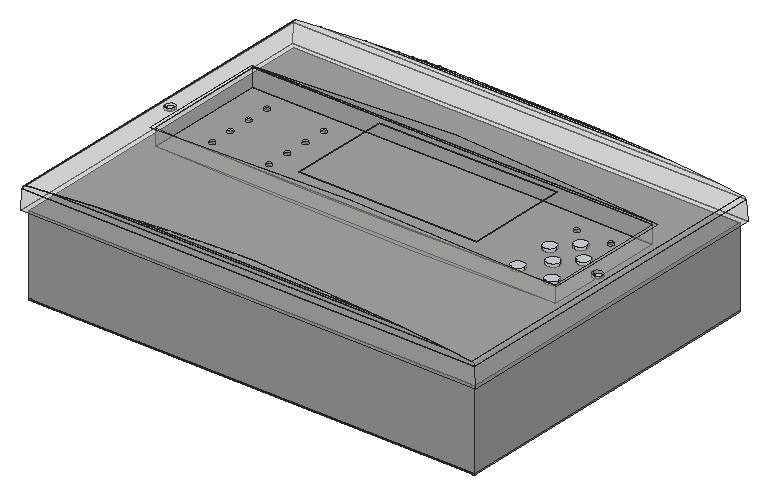
Revit family "Maxlogic Intelligent Addressable System 7” TFT Mimic Panel", category Fire Alarm Devices, host Face, Revit 2022
Family settings
  Host = Face
  Round Connector Dimension = Use Diameter
  Part Type = Normal
  OmniClass Number = 23.85.30.21
  OmniClass Title = Environmental Detection/Registration
  Cut with Voids When Loaded = No
  Maintain Annotation Orientation = Yes
  Shared = No
  Room Calculation Point = No
Parameters (values of type "Maxlogic Intelligent Addressable System 7” TFT Mimic Panel")
  Weight = "4900 gr"
  Weatherproof surface mounting back box = ""
  Warranty Duration Unit = "Year"
  Warranty Duration Parts = "2"
  Warranty Duration Labor = "2"
  Version = ""
  URL = "https://www.mavili.com.tr/en"
  Recessed mounting base = ""
  Public Works Pose Number = ""
  Protection Sign = ""
  Product Code = "ML-1280"
  Phone Number = "(+)90 216 466 45 05"
  Operatonal Voltage (default) = ""
  Operating voltage range = ""
  Operating temperature = "(-5°C) - (+50°C)"
  Nominal Depth = "100 mm"
  Nominal Width = "400 mm"
  Nominal Height = "300 mm"
  Mounting surface = "Wall mounting"
  Mounting height = ""
  Model = "Maxlogic"
  Manufacturer = "Mavili Elektronik Ticaret A.Ş."
  Installation Manual = "https://mavilielektronik.com/Revit/ML1280_enkk.pdf"
  Indicator output = ""
  Fax Number = "(+)90 216 466 45 10"
  External supply = "220 V AC"
  Email = "mavili@mavili.com.tr"
  Disclaimer = ""
  Device Adress Setup = ""
  Description = "Intelligent Addressable System 7” TFT Mimic Panel"
  Default Elevation = 0 mm
  Current consumption = ""
  Cost unıt = ""
  Cost = 0
  Compatible sockets = ""
  Color = "White"
  Code Performance = "EN 54-4"
  Main Material = "Metal Grey"
  Secondary Material = "White Plastic ABS"
  Battery = "2 X (12V DC 7 Ah )"
  Assembly Code = ""
  Address line 1 = "Şerifali Mahallesi Kutup Sokak No:27/1-2-4 Ümraniye TR-34775 İSTANBUL"
Reference planes
  plane 1 "Center (Front/Back)": y = 0
  plane 2: z = 0
  plane 3 "Center (Left/Right)": x = 0
Forms (mm)
  Extrusion 1, solid, material "mavili arka kasa"
    sketch origin (-210, -150, 148.173) x (1, 0, 0) y (0, 0, -1)
      loop
        line (42.905, 77.3) -> (434.905, 77.3) -> (434.905, 146.904)
        arc (434.905, 146.904) -> (434.545, 147.715) -> (433.785, 148.173) r 1.476
        line (433.785, 148.173) -> (44.505, 148.173)
        arc (44.505, 148.173) -> (43.374, 147.704) -> (42.905, 146.573) r 1.6
        line (42.905, 146.573) -> (42.905, 77.3)
    from 0 to 300
  Extrusion 2, solid, material "Mavili beyaz"
    sketch origin (-210, -150, 148.173) x (1, 0, 0) y (0, 0, -1)
      loop
        line (38.905, 77.3) -> (39.824, 59.769)
        arc (39.824, 59.769) -> (40.651, 57.854) -> (42.526, 56.941) r 3
        arc (42.526, 56.941) -> (238.905, 47.3) -> (435.284, 56.941) r 2005
        arc (435.284, 56.941) -> (437.16, 57.854) -> (437.987, 59.769) r 3
        line (437.987, 59.769) -> (438.905, 77.3) -> (38.905, 77.3)
    from 0 to 300
  Extrusion 3, void
    sketch origin (-167.095, -150, 70.872) x (0, 0, 1) y (0, -1, 0)
      loop
        arc (-69.27, -296) -> (-70.403, -295.532) -> (-70.872, -294.4) r 1.6
        line (-70.872, -294.4) -> (-70.872, -300) -> (0, -300) -> (0, -296) -> (-69.27, -296)
    from 0 to 392
  Extrusion 4, void
    sketch origin (-167.095, 150, 70.872) x (0, 0, 1) y (0, -1, 0)
      loop
        line (-69.27, 296) -> (0, 296) -> (0, 300) -> (-70.872, 300) -> (-70.872, 294.4)
        arc (-70.872, 294.4) -> (-70.403, 295.532) -> (-69.27, 296) r 1.6
    from 0 to 392
  Extrusion 5, void
    sketch origin (-210, -150, 148.173) x (0, 0, -1) y (0, 1, 0)
      loop
        line (55.289, 116.326) -> (55.289, 228.158) -> (47.3, 228.297) -> (47.3, 111.721) -> (55.289, 116.326)
    from 0 to 497.127
  Extrusion 6, void
    sketch origin (-210, -150, 148.173) x (0, 0, -1) y (0, 1, 0)
      loop
        arc (47.3, 295.581) -> (48.124, 297.646) -> (50.143, 298.577) r 3
        line (50.143, 298.577) -> (51.913, 298.669) -> (55.057, 298.834) -> (59.769, 299.081) -> (77.3, 300) -> (50, 300) -> (47.3, 300) -> (47.3, 295.581)
    from 0 to 493.151
  Extrusion 7, void
    sketch origin (-210, 150, 148.173) x (0, 0, -1) y (0, 1, 0)
      loop
        line (47.3, -295.581) -> (47.3, -300) -> (50, -300) -> (77.3, -300) -> (59.769, -299.081) -> (55.057, -298.834) -> (51.913, -298.669) -> (50.143, -298.577)
        arc (50.143, -298.577) -> (48.124, -297.646) -> (47.3, -295.581) r 3
    from 0 to 493.151
  Extrusion 8, void
    sketch origin (-167.095, 146, 25.472) x (0, 0, -1) y (1, 0, 0)
      loop
        line (-13.523, 66.9) -> (-13.523, 68.054)
        arc (-13.523, 68.054) -> (-15, 68.144) -> (-16.477, 68.054) r 12.144
        line (-16.477, 68.054) -> (-16.477, 66.9)
        arc (-16.477, 66.9) -> (-26, 56.025) -> (-16.527, 45.106) r 11
        line (-16.527, 45.106) -> (-16.527, 43.952)
        arc (-16.527, 43.952) -> (-15, 43.856) -> (-13.473, 43.952) r 12.144
        line (-13.473, 43.952) -> (-13.473, 45.106)
        arc (-13.473, 45.106) -> (-4, 56.025) -> (-13.523, 66.9) r 11
    from 0 to 1
  Extrusion 9, void
    sketch origin (-127.095, 146, 25.472) x (0, 0, -1) y (1, 0, 0)
      loop
        line (-13.523, 66.9) -> (-13.523, 68.054)
        arc (-13.523, 68.054) -> (-15, 68.144) -> (-16.477, 68.054) r 12.144
        line (-16.477, 68.054) -> (-16.477, 66.9)
        arc (-16.477, 66.9) -> (-26, 56.025) -> (-16.527, 45.106) r 11
        line (-16.527, 45.106) -> (-16.527, 43.952)
        arc (-16.527, 43.952) -> (-15, 43.856) -> (-13.473, 43.952) r 12.144
        line (-13.473, 43.952) -> (-13.473, 45.106)
        arc (-13.473, 45.106) -> (-4, 56.025) -> (-13.523, 66.9) r 11
    from 0 to 1
  Extrusion 10, void
    sketch origin (-87.095, 146, 25.472) x (0, 0, -1) y (1, 0, 0)
      loop
        line (-13.523, 66.9) -> (-13.523, 68.054)
        arc (-13.523, 68.054) -> (-15, 68.144) -> (-16.477, 68.054) r 12.144
        line (-16.477, 68.054) -> (-16.477, 66.9)
        arc (-16.477, 66.9) -> (-26, 56.025) -> (-16.527, 45.106) r 11
        line (-16.527, 45.106) -> (-16.527, 43.952)
        arc (-16.527, 43.952) -> (-15, 43.856) -> (-13.473, 43.952) r 12.144
        line (-13.473, 43.952) -> (-13.473, 45.106)
        arc (-13.473, 45.106) -> (-4, 56.025) -> (-13.523, 66.9) r 11
    from 0 to 1
  Extrusion 11, void
    sketch origin (-47.095, 146, 25.472) x (0, 0, -1) y (1, 0, 0)
      loop
        line (-13.523, 66.9) -> (-13.523, 68.054)
        arc (-13.523, 68.054) -> (-15, 68.144) -> (-16.477, 68.054) r 12.144
        line (-16.477, 68.054) -> (-16.477, 66.9)
        arc (-16.477, 66.9) -> (-26, 56.025) -> (-16.527, 45.106) r 11
        line (-16.527, 45.106) -> (-16.527, 43.952)
        arc (-16.527, 43.952) -> (-15, 43.856) -> (-13.473, 43.952) r 12.144
        line (-13.473, 43.952) -> (-13.473, 45.106)
        arc (-13.473, 45.106) -> (-4, 56.025) -> (-13.523, 66.9) r 11
    from 0 to 1
  Extrusion 12, void
    sketch origin (-7.095, 146, 25.472) x (0, 0, -1) y (1, 0, 0)
      loop
        line (-13.523, 66.9) -> (-13.523, 68.054)
        arc (-13.523, 68.054) -> (-15, 68.144) -> (-16.477, 68.054) r 12.144
        line (-16.477, 68.054) -> (-16.477, 66.9)
        arc (-16.477, 66.9) -> (-26, 56.025) -> (-16.527, 45.106) r 11
        line (-16.527, 45.106) -> (-16.527, 43.952)
        arc (-16.527, 43.952) -> (-15, 43.856) -> (-13.473, 43.952) r 12.144
        line (-13.473, 43.952) -> (-13.473, 45.106)
        arc (-13.473, 45.106) -> (-4, 56.025) -> (-13.523, 66.9) r 11
    from 0 to 1
  Extrusion 13, void
    sketch origin (32.905, 146, 25.472) x (0, 0, -1) y (1, 0, 0)
      loop
        line (-13.523, 66.9) -> (-13.523, 68.054)
        arc (-13.523, 68.054) -> (-15, 68.144) -> (-16.477, 68.054) r 12.144
        line (-16.477, 68.054) -> (-16.477, 66.9)
        arc (-16.477, 66.9) -> (-26, 56.025) -> (-16.527, 45.106) r 11
        line (-16.527, 45.106) -> (-16.527, 43.952)
        arc (-16.527, 43.952) -> (-15, 43.856) -> (-13.473, 43.952) r 12.144
        line (-13.473, 43.952) -> (-13.473, 45.106)
        arc (-13.473, 45.106) -> (-4, 56.025) -> (-13.523, 66.9) r 11
    from 0 to 1
  Extrusion 14, void
    sketch origin (72.905, 146, 25.472) x (0, 0, -1) y (1, 0, 0)
      loop
        line (-13.523, 66.9) -> (-13.523, 68.054)
        arc (-13.523, 68.054) -> (-15, 68.144) -> (-16.477, 68.054) r 12.144
        line (-16.477, 68.054) -> (-16.477, 66.9)
        arc (-16.477, 66.9) -> (-26, 56.025) -> (-16.527, 45.106) r 11
        line (-16.527, 45.106) -> (-16.527, 43.952)
        arc (-16.527, 43.952) -> (-15, 43.856) -> (-13.473, 43.952) r 12.144
        line (-13.473, 43.952) -> (-13.473, 45.106)
        arc (-13.473, 45.106) -> (-4, 56.025) -> (-13.523, 66.9) r 11
    from 0 to 1
  Extrusion 15, void
    sketch origin (112.905, 146, 25.472) x (0, 0, -1) y (1, 0, 0)
      loop
        line (-13.523, 66.9) -> (-13.523, 68.054)
        arc (-13.523, 68.054) -> (-15, 68.144) -> (-16.477, 68.054) r 12.144
        line (-16.477, 68.054) -> (-16.477, 66.9)
        arc (-16.477, 66.9) -> (-26, 56.025) -> (-16.527, 45.106) r 11
        line (-16.527, 45.106) -> (-16.527, 43.952)
        arc (-16.527, 43.952) -> (-15, 43.856) -> (-13.473, 43.952) r 12.144
        line (-13.473, 43.952) -> (-13.473, 45.106)
        arc (-13.473, 45.106) -> (-4, 56.025) -> (-13.523, 66.9) r 11
    from 0 to 1
  Extrusion 16, void
    sketch origin (-210, -33.417, 92.884) x (-1, 0, 0) y (0, 1, 0)
      loop
        line (-62.836, 2.214) -> (-62.836, 108.579)
        spline (-62.836, 108.579) -> (-92.123, 108.62) -> (-121.442, 108.654) -> (-150.785, 108.681) -> (-180.148, 108.699) -> (-209.524, 108.711) -> (-238.905, 108.714) -> (-268.287, 108.711) -> (-297.662, 108.699) -> (-327.025, 108.681) -> (-356.369, 108.654) -> (-385.687, 108.62) -> (-414.974, 108.579)
        line (-414.974, 108.579) -> (-414.974, 2.214)
        spline (-414.974, 2.214) -> (-385.687, 0.847) -> (-356.369, -0.273) -> (-327.025, -1.144) -> (-297.662, -1.766) -> (-268.287, -2.14) -> (-238.905, -2.264) -> (-209.524, -2.14) -> (-180.148, -1.766) -> (-150.785, -1.144) -> (-121.442, -0.273) -> (-92.123, 0.847) -> (-62.836, 2.214)
    from 0 to 15
  Revolve 17, solid, material "Glass"
    sketch origin (-213.581, 144.917, 77.884) x (-1, 0, 0) y (0, -1, 0)
      loop
        arc (-91.405, 87.917) -> (-93.905, 90.417) -> (-96.405, 87.917) r 2.5
        line (-96.405, 87.917) -> (-91.405, 87.917)
      axis (-91.405, 87.917) -> (-96.405, 87.917)
    angle from 0 to -180
  Extrusion 18, solid
    sketch origin (73.914, -21.417, 77.884) x (0, 1, 0) y (-1, 0, 0)
      loop
        circle (63.417, -93.905) r 5.5
    from 0 to 2
  Extrusion 19, void
    sketch origin (-210, -33.417, 92.884) x (-1, 0, 0) y (0, 1, 0)
      loop
        circle (-50.905, 33.417) r 4.25
    from 0 to 3
  Extrusion 20, solid
    sketch origin (-210, -33.442, 89.884) x (0, 1, 0) y (-1, 0, 0)
      loop
        line (35.753, -50.862) -> (34.597, -48.861) -> (32.286, -48.861) -> (31.13, -50.862) -> (32.286, -52.864) -> (34.597, -52.864) -> (35.753, -50.862)
    from 0 to 1
  Extrusion 21, void
    sketch origin (267.811, -33.417, 92.884) x (-1, 0, 0) y (0, 1, 0)
      loop
        circle (50.905, 33.417) r 4.25
    from 0 to 3
  Extrusion 22, solid
    sketch origin (267.811, -33.442, 89.884) x (0, 1, 0) y (-1, 0, 0)
      loop
        line (35.753, 50.862) -> (34.597, 52.864) -> (32.286, 52.864) -> (31.13, 50.862) -> (32.286, 48.861) -> (34.597, 48.861) -> (35.753, 50.862)
    from 0 to 1
  Extrusion 23, solid
    sketch origin (58.914, -36.417, 77.884) x (0, 1, 0) y (-1, 0, 0)
      loop
        circle (63.417, -93.905) r 5.5
    from 0 to 2
  Extrusion 24, solid
    sketch origin (73.914, -21.417, 77.884) x (0, 1, 0) y (-1, 0, 0)
      loop
        circle (63.417, -93.905) r 5.5
    from 0 to 2
  Extrusion 25, solid
    sketch origin (88.914, -36.417, 77.884) x (0, 1, 0) y (-1, 0, 0)
      loop
        circle (63.417, -93.905) r 5.5
    from 0 to 2
  Extrusion 26, solid
    sketch origin (73.914, -51.417, 77.884) x (0, 1, 0) y (-1, 0, 0)
      loop
        circle (63.417, -93.905) r 5.5
    from 0 to 2
  Extrusion 27, solid
    sketch origin (88.919, -71.417, 77.884) x (0, 1, 0) y (-1, 0, 0)
      loop
        circle (63.417, -93.905) r 5.5
    from 0 to 2
  Extrusion 28, solid
    sketch origin (58.919, -71.417, 77.884) x (0, 1, 0) y (-1, 0, 0)
      loop
        circle (63.417, -93.905) r 5.5
    from 0 to 2
  Revolve 29, solid, material "Glass"
    sketch origin (-163.581, 144.917, 77.884) x (-1, 0, 0) y (0, -1, 0)
      loop
        arc (-91.405, 87.917) -> (-93.905, 90.417) -> (-96.405, 87.917) r 2.5
        line (-96.405, 87.917) -> (-91.405, 87.917)
      axis (-91.405, 87.917) -> (-96.405, 87.917)
    angle from 0 to -180
  Revolve 30, solid, material "Glass"
    sketch origin (-213.581, 124.917, 77.884) x (-1, 0, 0) y (0, -1, 0)
      loop
        arc (-91.405, 87.917) -> (-93.905, 90.417) -> (-96.405, 87.917) r 2.5
        line (-96.405, 87.917) -> (-91.405, 87.917)
      axis (-91.405, 87.917) -> (-96.405, 87.917)
    angle from 0 to -180
  Revolve 31, solid, material "Glass"
    sketch origin (-163.581, 124.917, 77.884) x (-1, 0, 0) y (0, -1, 0)
      loop
        arc (-91.405, 87.917) -> (-93.905, 90.417) -> (-96.405, 87.917) r 2.5
        line (-96.405, 87.917) -> (-91.405, 87.917)
      axis (-91.405, 87.917) -> (-96.405, 87.917)
    angle from 0 to -180
  Revolve 32, solid, material "Glass"
    sketch origin (-213.581, 104.917, 77.884) x (-1, 0, 0) y (0, -1, 0)
      loop
        arc (-91.405, 87.917) -> (-93.905, 90.417) -> (-96.405, 87.917) r 2.5
        line (-96.405, 87.917) -> (-91.405, 87.917)
      axis (-91.405, 87.917) -> (-96.405, 87.917)
    angle from 0 to -180
  Revolve 33, solid, material "Glass"
    sketch origin (-163.581, 104.917, 77.884) x (-1, 0, 0) y (0, -1, 0)
      loop
        arc (-91.405, 87.917) -> (-93.905, 90.417) -> (-96.405, 87.917) r 2.5
        line (-96.405, 87.917) -> (-91.405, 87.917)
      axis (-91.405, 87.917) -> (-96.405, 87.917)
    angle from 0 to -180
  Revolve 34, solid, material "Glass"
    sketch origin (-213.581, 84.917, 77.884) x (-1, 0, 0) y (0, -1, 0)
      loop
        arc (-91.405, 87.917) -> (-93.905, 90.417) -> (-96.405, 87.917) r 2.5
        line (-96.405, 87.917) -> (-91.405, 87.917)
      axis (-91.405, 87.917) -> (-96.405, 87.917)
    angle from 0 to -180
  Revolve 35, solid, material "Glass"
    sketch origin (-163.581, 84.917, 77.884) x (-1, 0, 0) y (0, -1, 0)
      loop
        arc (-91.405, 87.917) -> (-93.905, 90.417) -> (-96.405, 87.917) r 2.5
        line (-96.405, 87.917) -> (-91.405, 87.917)
      axis (-91.405, 87.917) -> (-96.405, 87.917)
    angle from 0 to -180
  Revolve 36, solid, material "Glass"
    sketch origin (58.919, 144.917, 77.884) x (-1, 0, 0) y (0, -1, 0)
      loop
        arc (-91.405, 87.917) -> (-93.905, 90.417) -> (-96.405, 87.917) r 2.5
        line (-96.405, 87.917) -> (-91.405, 87.917)
      axis (-91.405, 87.917) -> (-96.405, 87.917)
    angle from 0 to -180
  Revolve 37, solid, material "Glass"
    sketch origin (88.919, 144.917, 77.884) x (-1, 0, 0) y (0, -1, 0)
      loop
        arc (-91.405, 87.917) -> (-93.905, 90.417) -> (-96.405, 87.917) r 2.5
        line (-96.405, 87.917) -> (-91.405, 87.917)
      axis (-91.405, 87.917) -> (-96.405, 87.917)
    angle from 0 to -180
  Extrusion 38, solid, material "Glass"
    sketch origin (-210, -33.417, 92.884) x (0, 1, 0) y (-1, 0, 0)
      loop
        line (103.017, -179.624) -> (13.817, -179.624) -> (13.817, -336.024) -> (103.017, -336.024) -> (103.017, -179.624)
    from 0 to 0.8
Cuts and joins
  Extrusion 3, Extrusion 4, Extrusion 8, Extrusion 9, Extrusion 10, Extrusion 11, Extrusion 12, Extrusion 13, Extrusion 14, Extrusion 15 cuts Extrusion 1
  Extrusion 3, Extrusion 4, Extrusion 5, Extrusion 6, Extrusion 7, Extrusion 16, Extrusion 19, Extrusion 21 cuts Extrusion 2
  Extrusion 21 cuts Extrusion 20
Dimensions and locks
  aligned and locked: plane 2 to host face
  aligned and locked: level to host face
Connectors
  electrical at (29.145, 0, 0)
    settings: on cut or joined group of Extrusion 1, Extrusion 3, Extrusion 4, Extrusion 8, Extrusion 9, Extrusion 10, Extrusion 11, Extrusion 12, Extrusion 13, Extrusion 14, Extrusion 15, index 1, voltage 0 V, apparent load 0 VA, apparent load phase1 0 VA, apparent load phase2 0 VA, apparent load phase3 0 VA, power factor 1, load classification "Other", number of poles 1, system type 31, power factor state 1, is connector primary yes, connector utility no, sub classification motor no, connector description ""
